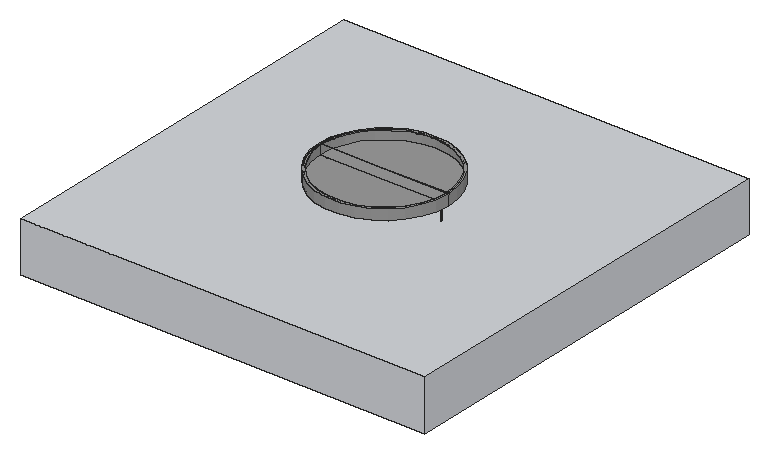
Revit family "LAMP_MUN LIGHT 780 SUSPENDED", category Modelos genéricos, Revit 2015
Parameters (values of type "6602LM 3000 GRAPHITE")
  Weight = 9.55 kg
  Type = "LOW POWER OSRAM"
  Suspension height [instance] = 100 mm
  Protection rating = "IP20 / IK08"
  Product datasheet = "http://www.lamp.es/product-files/TECH/ML1780SU65830NB-EN.pdf"
  Product code = "ML1780SU65830NB"
  Product URL = "https://www.lamp.es/en/family/mun-light_33332"
  Power Supply = "220-240V 50-60Hz"
  Power = 60 W
  Plum = 63.6 W
  Photometric web file = Cuerpo Mun light 780 : 6602LM 3000 GRAPHITE
  Modelo = Product code  # "ML1780SU65830NB"
  Manufacturer name = "LAMP"
  Manufacturer country = "Spain"
  Manufacturer URL = "http://www.lamp.es/en"
  MacAdam = "<3"
  Luminaire type = "Indoor - Downlight"
  Last update = "11/11/2020"
  Lamp = "LOW POWER LED"
  LED Lifetime = "50.000 L80 B10"
  Insulation class = "I"
  Installation instructions = "https://www.lamp.es/product-files/INS/1004130-C-MUN%20LIGHT.pdf"
  Initial intensity = 6602 lm
  Initial color = 3000 K
  IEE = "A+"
  Height = 64 mm
  Gear = "Electronic"
  Finish = "Texturised matte graphite"
  Fabricante = Manufacturer name  # "LAMP"
  Default Elevation = 1219.2 mm
  Efficacy = 103.8 lm/W
  Diameter = 780 mm
  Descripción = "MUN LIGHT SUS Ø780 6700 WW GRH."
  CRI = "80"
  Altura suspension [instance] = if(Suspension height < 1 mm, 1 mm, if(Suspension height > 3000 mm, 3000 mm, Suspension height))  # 100 mm
Types (4, lengths in mm): name | Product datasheet | Product code | Modelo | Initial intensity | Initial color | Finish | Efficacy | Descripción
  6602LM 4000 GRAPHITE | "http://www.lamp.es/product-files/TECH/ML1780SU65840NB-EN.pdf" | "ML1780SU65840NB" | "ML1780SU65840NB" | 6602 lm | 4000 K | "Texturised matte graphite" | 103.8 lm/W | "MUN LIGHT SUS Ø780 6700 NW GRH."
  6602LM 3000 GRAPHITE | "http://www.lamp.es/product-files/TECH/ML1780SU65830NB-EN.pdf" | "ML1780SU65830NB" | "ML1780SU65830NB" | 6602 lm | 3000 K | "Texturised matte graphite" | 103.8 lm/W | "MUN LIGHT SUS Ø780 6700 WW GRH."
  6994LM 4000 WHITE | "http://www.lamp.es/product-files/TECH/ML1780SU65840NW-EN.pdf" | "ML1780SU65840NW" | "ML1780SU65840NW" | 6994 lm | 4000 K | "Texturised matte white" | 110 lm/W | "MUN LIGHT SUS Ø780 6700 NW WH."
  6994LM 3000 WHITE | "http://www.lamp.es/product-files/TECH/ML1780SU65830NW-EN.pdf" | "ML1780SU65830NW" | "ML1780SU65830NW" | 6994 lm | 3000 K | "Texturised matte white" | 110 lm/W | "MUN LIGHT SUS Ø780 6700 WW WH."
Reference planes
  plane 1 "Centro (Frontal/Posterior)": y = 0
  plane 2: z = 0
  plane 3 "Centro (Izquierda/Derecha)": x = 0
  plane 4: z = 100
Forms (mm)
  Extrusion 1, solid
    sketch origin (0, 0, 0) x (1, 0, 0) y (0, 1, 0)
      loop
        line (-1219.2, 1219.2) -> (-1219.2, -1219.2) -> (1219.2, -1219.2) -> (1219.2, 1219.2) -> (-1219.2, 1219.2)
    from 0 to -304.8
  Extrusion 2, solid
    sketch origin (0, 0, 0) x (1, 0, 0) y (0, 1, 0)
      loop
        circle (-344.5, 0) r 1
      loop
        circle (344.5, 0) r 1
    from 0 to 100
Text (mm)
  text "Any modification of the parameters and properties of the LAMP BIM models must be executed and validated by the LAMP technical department.\n\nPhone: +34 93 736 68 00\n\nE-mail: lamp@lamp.es\n\n\n\nLAMP reserves the right to modify the technical specifications of its products." at (7555.345, -22534.729, -11831.563), in view "Preview"
Dimensions and locks
  "Altura suspension": plane 4 to Extrusion 1
  aligned and locked: plane 2 to Extrusion 1
  aligned and locked: level to Extrusion 1
  aligned and locked: plane 4 to Extrusion 2
  aligned and locked: nested 1 to plane 4
Automatic sketch dimensions
  Extrusion 1 sketch curve to Extrusion 1 sketch curve = 2438.4 mm  (x2)
  plane 1 "Centro (Frontal/Posterior)" to Extrusion 2 sketch curve = 0 mm  (x2)
  Extrusion 2 sketch curve to plane 3 "Centro (Izquierda/Derecha)" = 344.5 mm
  plane 3 "Centro (Izquierda/Derecha)" to Extrusion 2 sketch curve = 344.5 mm
  radius of Extrusion 2 sketch curve = 1 mm  (x2)
Nested families
  nested 1: "Cuerpo Mun light 780" at (0, 0, 1664) x (1, 0, 0) z (0, 0, -1), type <- "Photometric web file", type "6602LM 3000 GRAPHITE"
Connectors
  electrical at (0, 0, 100)
    settings: on nested 1, index 1, voltage 230 V, apparent load 0 VA, apparent load phase1 0 VA, apparent load phase2 0 VA, apparent load phase3 0 VA, power factor 1, load classification "Otro", number of poles 1, system type 31, power factor state 1, is connector primary yes, connector utility no, sub classification motor no, connector description ""
Definition of nested family "Cuerpo Mun light 780"
  Parameters (values of type "6602LM 3000 GRAPHITE")
    Tilt Angle = 90.00°
    Wattage = 63.6 W
    built-in parameter 1150110 = 1 (stored number, unit not read)
    Material difusor = none
    Material cuerpo = none
    built-in parameter 1114217 = 1 (stored number, unit not read)
    built-in parameter 1150109 = 1 (stored number, unit not read)
    Default Elevation = 1219.2 mm
    Diametro interior 2 = 374.5 mm
    Diametro interior 1 = 388.5 mm
    Diametro difusor = 381 mm
    built-in parameter 1150134 = (empty or 0)
    built-in parameter 1150113 = 1 (stored number, unit not read)
    Lumens = 6601.68 lm
    built-in parameter 1150115 = 1 (stored number, unit not read)
    built-in parameter 1150105 = 2258.4 (stored number, unit not read)
    built-in parameter 1150137 = (empty or 0)
    built-in parameter 1150139 = (empty or 0)
    built-in parameter 1150112 = 1 (stored number, unit not read)
    built-in parameter 1150114 = 1 (stored number, unit not read)
    built-in parameter 1150132 = 2
    built-in parameter 1150102 = (empty or 0)
    built-in parameter 1150138 = (empty or 0)
    built-in parameter 1150107 = 3000 (stored number, unit not read)
    built-in parameter 1150106 = 22.584 (stored number, unit not read)
    built-in parameter 1150104 = 9.6433 (stored number, unit not read)
    Dimming Lamp Color Temperature Shift = (empty or 0)
    Color Filter = 16777215
    built-in parameter 1114218 = 1 (stored number, unit not read)
    Photometric Web File = "10541002.IES"
    built-in parameter 1150133 = 10 (stored number, unit not read)
  Types (4, lengths in mm): name | built-in parameter 1150134 | Lumens | built-in parameter 1150105 | built-in parameter 1150107 | built-in parameter 1150106 | built-in parameter 1150104 | Photometric Web File
    6602LM 4000 GRAPHITE | 12 | 6601.68 lm | 2258.4 (stored number, unit not read) | 4000 (stored number, unit not read) | 22.584 (stored number, unit not read) | 9.6433 (stored number, unit not read) | "10540002.IES"
    6602LM 3000 GRAPHITE | (empty or 0) | 6601.68 lm | 2258.4 (stored number, unit not read) | 3000 (stored number, unit not read) | 22.584 (stored number, unit not read) | 9.6433 (stored number, unit not read) | "10541002.IES"
    6994LM 3000 WHITE | (empty or 0) | 6996 lm | 2451.7 (stored number, unit not read) | 3000 (stored number, unit not read) | 24.517 (stored number, unit not read) | 10.219 (stored number, unit not read) | "10541000.IES"
    6994LM 4000 WHITE | 12 | 6996 lm | 2452.1 (stored number, unit not read) | 4000 (stored number, unit not read) | 24.521 (stored number, unit not read) | 10.219 (stored number, unit not read) | "10540000.IES"
  Reference planes
    plane 1 "Eje de origen de luz (F/P)": y = 0
    plane 2: z = 0
    plane 3 "Eje de origen de luz (I/D)": x = 0
    plane 4 "Elevación de origen de luz": z = 1500
  Forms (mm)
    Revolve 1, solid, material <- "Material cuerpo"
      sketch origin (0, 0, 0) x (1, 0, 0) y (0, 0, 1)
        loop
          line (374.5, 1500) -> (390, 1500) -> (390, 1564) -> (0, 1564) -> (0, 1562.5) -> (388.5, 1562.5) -> (388.5, 1501.5) -> (374.5, 1501.5) -> (374.5, 1500)
        axis (0, 1564) -> (0, 1500)
      angle from 0 to 360
    Revolve 2, solid, material <- "Material difusor"
      sketch origin (0, 0, 0) x (1, 0, 0) y (0, 0, 1)
        loop
          line (0, 1501.5) -> (381, 1501.5) -> (381, 1504.5) -> (0, 1504.5) -> (0, 1501.5)
        axis (0, 1504.5) -> (0, 1501.5)
      angle from 0 to 360
    Extrusion 3, solid, material <- "Material cuerpo"
      sketch origin (-1.259, 527.034, 0) x (-1, 0, 0) y (0, -1, 0)
        loop
          line (-8.572, 148.16) -> (-8.572, 141.872)
          arc (-8.572, 141.872) -> (-8.222, 141.522) -> (-7.872, 141.872) r 0.35
          line (-7.872, 141.872) -> (-7.872, 147.667) -> (-6.665, 147.667) -> (-4.718, 142.006)
          arc (-4.718, 142.006) -> (-4.092, 141.559) -> (-3.465, 142.006) r 0.663
          line (-3.465, 142.006) -> (-1.68, 147.197)
          arc (-1.68, 147.197) -> (-1.234, 147.463) -> (-0.899, 147.067) r 0.401
          line (-0.899, 147.067) -> (-0.899, 142.203)
          arc (-0.899, 142.203) -> (-0.391, 141.498) -> (0.439, 141.755) r 0.744
          line (0.439, 141.755) -> (1.555, 142.871) -> (2.672, 141.755)
          arc (2.672, 141.755) -> (3.502, 141.498) -> (4.009, 142.203) r 0.744
          line (4.009, 142.203) -> (4.009, 147.429) -> (5.378, 147.429) -> (5.378, 141.559) -> (8.876, 141.559) -> (8.876, 144.707) -> (6.509, 144.707)
          arc (6.509, 144.707) -> (6.159, 144.358) -> (6.509, 144.008) r 0.35
          line (6.509, 144.008) -> (8.176, 144.008) -> (8.176, 142.259) -> (6.077, 142.259) -> (6.077, 148.16) -> (3.298, 148.16) -> (3.298, 142.303) -> (1.555, 144.045) -> (-0.187, 142.303) -> (-0.187, 148.115) -> (-2.104, 148.115) -> (-4.092, 142.338) -> (-6.095, 148.16) -> (-8.572, 148.16)
      from 1499 to 1500
  Dimensions and locks
    "Diametro interior 2": Revolve 1 sketch curve to plane 3 "Eje de origen de luz (I/D)"
    locked: Revolve 1 sketch curve to Revolve 1 sketch curve at 1.5
    "Diametro interior 1": Revolve 1 sketch curve to plane 3 "Eje de origen de luz (I/D)"
    "Diametro difusor": Revolve 2 sketch curve to plane 3 "Eje de origen de luz (I/D)"
    aligned and locked: plane 3 "Eje de origen de luz (I/D)" to imposter light
    aligned and locked: plane 1 "Eje de origen de luz (F/P)" to imposter light
    aligned and locked: plane 4 "Elevación de origen de luz" to imposter light
    aligned and locked: level to plane 2
  Automatic sketch dimensions
    Extrusion 3 sketch curve to plane 3 "Eje de origen de luz (I/D)" = 7.313 mm
    Extrusion 3 sketch curve to Extrusion 3 sketch curve = 0.35 mm  (x2)
    Extrusion 3 sketch curve to Extrusion 3 sketch curve = 1.207 mm
    Extrusion 3 sketch curve to Extrusion 3 sketch curve = 0.57 mm
    Extrusion 3 sketch curve to Extrusion 3 sketch curve = 3.154 mm
    Extrusion 3 sketch curve to Extrusion 3 sketch curve = 0.627 mm  (x2)
    Extrusion 3 sketch curve to Extrusion 3 sketch curve = 0 mm  (x3)
    Extrusion 3 sketch curve to plane 3 "Eje de origen de luz (I/D)" = 0.845 mm
    Extrusion 3 sketch curve to plane 3 "Eje de origen de luz (I/D)" = 0.421 mm
    Extrusion 3 sketch curve to plane 3 "Eje de origen de luz (I/D)" = 0.041 mm
    plane 3 "Eje de origen de luz (I/D)" to Extrusion 3 sketch curve = 0.36 mm
    Extrusion 3 sketch curve to Extrusion 3 sketch curve = 0.712 mm  (x2)
    Extrusion 3 sketch curve to Extrusion 3 sketch curve = 0.032 mm
    Extrusion 3 sketch curve to Extrusion 3 sketch curve = 0.594 mm  (x2)
    Extrusion 3 sketch curve to Extrusion 3 sketch curve = 1.742 mm
    Extrusion 3 sketch curve to Extrusion 3 sketch curve = 1.116 mm
    Extrusion 3 sketch curve to Extrusion 3 sketch curve = 3.484 mm
    Extrusion 3 sketch curve to Extrusion 3 sketch curve = 1.368 mm
    Extrusion 3 sketch curve to Extrusion 3 sketch curve = 0.7 mm  (x3)
    Extrusion 3 sketch curve to Extrusion 3 sketch curve = 0.432 mm
    Extrusion 3 sketch curve to Extrusion 3 sketch curve = 1.667 mm
    plane 1 "Eje de origen de luz (F/P)" to Extrusion 3 sketch curve = 378.874 mm
    Extrusion 3 sketch curve to Extrusion 3 sketch curve = 0.044 mm
    Extrusion 3 sketch curve to Extrusion 3 sketch curve = 0.493 mm
    Extrusion 3 sketch curve to Extrusion 3 sketch curve = 0.731 mm
    Extrusion 3 sketch curve to Extrusion 3 sketch curve = 0.918 mm
    Extrusion 3 sketch curve to Extrusion 3 sketch curve = 2.722 mm
    Extrusion 3 sketch curve to Extrusion 3 sketch curve = 3.021 mm
    Extrusion 3 sketch curve to Extrusion 3 sketch curve = 1.174 mm
    Extrusion 3 sketch curve to Extrusion 3 sketch curve = 4.859 mm
    Extrusion 3 sketch curve to Extrusion 3 sketch curve = 0.568 mm
    Extrusion 3 sketch curve to Extrusion 3 sketch curve = 1.749 mm
    Extrusion 3 sketch curve to Extrusion 3 sketch curve = 0.117 mm
    Extrusion 3 sketch curve to Extrusion 3 sketch curve = 0.1 mm
    Extrusion 3 sketch curve to Extrusion 3 sketch curve = 0.215 mm
    Extrusion 3 sketch curve to Extrusion 3 sketch curve = 0.134 mm
    Revolve 1 sketch curve to plane 3 "Eje de origen de luz (I/D)" = 0 mm  (x2)
    Revolve 1 sketch curve to plane 4 "Elevación de origen de luz" = 0 mm
    Revolve 1 sketch curve to plane 4 "Elevación de origen de luz" = 1.5 mm
    Revolve 1 sketch curve to Revolve 1 sketch curve = 61 mm
    Revolve 1 sketch curve to Revolve 1 sketch curve = 1.5 mm
    Revolve 1 sketch curve to level = 271.696 mm
    Revolve 1 sketch curve to Revolve 1 sketch curve = 138.626 mm
    Revolve 2 sketch curve to plane 3 "Eje de origen de luz (I/D)" = 0 mm  (x2)
    Revolve 2 sketch curve to plane 4 "Elevación de origen de luz" = 1.5 mm
    Revolve 2 sketch curve to Revolve 2 sketch curve = 3 mm
    Revolve 2 sketch curve to level = 271.696 mm
    Revolve 2 sketch curve to Revolve 2 sketch curve = 198.126 mm
